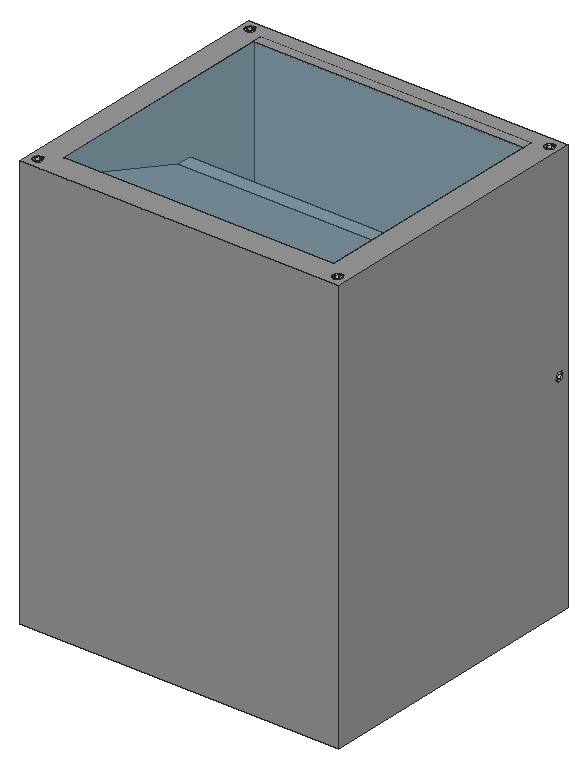
Revit family "LED CUBE 03_AM6W.1", category Luminarias, Revit 2019
Family settings
  Cota de conector redondo = Diámetro de uso
  Tipo de pieza = Normal
  Se basa en plano de trabajo = Sí
  Siempre vertical = No
  Corte con vacíos al cargar = No
  Origen de luz = Sí
  Compartido = No
  Punto de cálculo de habitación = No
Parameters (values of type "LED CUBE 03_AM6W.1")
  Ángulo de inclinación = 60.00°
  Zone [instance] = ""
  Watt per fixture = 8.8
  Wattage = 8.8 W
  built-in parameter 1150107 = 3000 (stored number, unit not read)
  built-in parameter 1150110 = 1 (stored number, unit not read)
  built-in parameter 1150109 = 1 (stored number, unit not read)
  built-in parameter 1150112 = 1 (stored number, unit not read)
  built-in parameter 1150113 = 1 (stored number, unit not read)
  built-in parameter 1114218 = 1 (stored number, unit not read)
  Keynote = ""
  built-in parameter 1150137 = (empty or 0)
  built-in parameter 1150132 = (empty or 0)
  Modelo = "AM6W.1"
  Lámpara = "NICHIA"
  built-in parameter 1150105 = 24.664 (stored number, unit not read)
  built-in parameter 1150102 = (empty or 0)
  built-in parameter 1150106 = 0.24664 (stored number, unit not read)
  Lumens = 309.936 lm
  Color Filter = 16777215
  built-in parameter 1114217 = 1 (stored number, unit not read)
  built-in parameter 1150139 = (empty or 0)
  Fabricante = "BRILLANT"
  Default Elevation = 0 mm
  built-in parameter 1150104 = 3.272 (stored number, unit not read)
  Descripción = "LUMINARIA DIRIGIBLE TIPO ARBOTANTE, DE MATERIAL EN ALUMINIO FUNDIDO A PRESION CUBIERTO CON POLVO GRIS OSCURO Y PC DE 6MM, CON UN PESO DE 1.6KG, CON 2 LED TIPO NICHIA Y UNA POTENCIA TOTAL DE 8.8W, 2X222 LUMENES, TEMPERATURA EN BLANCO CALIDO 3000K, IRC 80, IP 65, APERTURA DE 5 GRADOS, CORRIENTE DE OPERACIÓN 138mA, CABLE DE 0.3M, ALIMENTADO A 100-277VAC"
  built-in parameter 1150115 = 1 (stored number, unit not read)
  built-in parameter 1150114 = 1 (stored number, unit not read)
  Comentarios de vataje = "100-277V"
  built-in parameter 1150138 = (empty or 0)
  built-in parameter 1150134 = (empty or 0)
  Circuit [instance] = ""
  Dimming Lamp Color Temperature Shift = (empty or 0)
  Archivo de red fotométrica = "AM6W.1.IES"
  built-in parameter 1150133 = 10 (stored number, unit not read)
Reference planes
  plane 1 "Centro (Frontal/Posterior)": y = 0
  plane 2: z = 0
  plane 3 "Centro (Izquierda/Derecha)": x = 0
Forms (mm)
  Revolve 1, solid, material "Cristal", not visible
    sketch origin (-152, 0, 0) x (0, 1, 0) y (0, 0, -1)
      loop
        line (0, -8.749) -> (0, -7.25) -> (-1.499, -7.25)
        arc (-1.499, -7.25) -> (-1.06, -8.31) -> (0, -8.749) r 1.499
      axis (0, -7.25) -> (-1.499, -7.25)
    angle from 0 to 360
  Revolve 2, solid, material "Cristal", not visible
    sketch origin (-136, 0, 0) x (0, 1, 0) y (0, 0, -1)
      loop
        line (0, -8.749) -> (0, -7.25) -> (-1.499, -7.25)
        arc (-1.499, -7.25) -> (-1.06, -8.31) -> (0, -8.749) r 1.499
      axis (0, -7.25) -> (-1.499, -7.25)
    angle from 0 to 360
  Revolve 3, solid, material "Cristal", not visible
    sketch origin (-120, 0, 0) x (0, 1, 0) y (0, 0, -1)
      loop
        line (0, -8.749) -> (0, -7.25) -> (-1.499, -7.25)
        arc (-1.499, -7.25) -> (-1.06, -8.31) -> (0, -8.749) r 1.499
      axis (0, -7.25) -> (-1.499, -7.25)
    angle from 0 to 360
  Revolve 4, solid, material "Cristal", not visible
    sketch origin (-104, 0, 0) x (0, 1, 0) y (0, 0, -1)
      loop
        line (0, -8.749) -> (0, -7.25) -> (-1.499, -7.25)
        arc (-1.499, -7.25) -> (-1.06, -8.31) -> (0, -8.749) r 1.499
      axis (0, -7.25) -> (-1.499, -7.25)
    angle from 0 to 360
  Revolve 5, solid, material "Cristal", not visible
    sketch origin (-88, 0, 0) x (0, 1, 0) y (0, 0, -1)
      loop
        line (0, -8.749) -> (0, -7.25) -> (-1.499, -7.25)
        arc (-1.499, -7.25) -> (-1.06, -8.31) -> (0, -8.749) r 1.499
      axis (0, -7.25) -> (-1.499, -7.25)
    angle from 0 to 360
  Revolve 6, solid, material "Cristal", not visible
    sketch origin (-72, 0, 0) x (0, 1, 0) y (0, 0, -1)
      loop
        line (0, -8.749) -> (0, -7.25) -> (-1.499, -7.25)
        arc (-1.499, -7.25) -> (-1.06, -8.31) -> (0, -8.749) r 1.499
      axis (0, -7.25) -> (-1.499, -7.25)
    angle from 0 to 360
  Revolve 7, solid, material "Cristal", not visible
    sketch origin (-56, 0, 0) x (0, 1, 0) y (0, 0, -1)
      loop
        line (0, -8.749) -> (0, -7.25) -> (-1.499, -7.25)
        arc (-1.499, -7.25) -> (-1.06, -8.31) -> (0, -8.749) r 1.499
      axis (0, -7.25) -> (-1.499, -7.25)
    angle from 0 to 360
  Revolve 8, solid, material "Cristal", not visible
    sketch origin (-40, 0, 0) x (0, 1, 0) y (0, 0, -1)
      loop
        line (0, -8.749) -> (0, -7.25) -> (-1.499, -7.25)
        arc (-1.499, -7.25) -> (-1.06, -8.31) -> (0, -8.749) r 1.499
      axis (0, -7.25) -> (-1.499, -7.25)
    angle from 0 to 360
  Revolve 9, solid, material "Cristal", not visible
    sketch origin (-24, 0, 0) x (0, 1, 0) y (0, 0, -1)
      loop
        line (0, -8.749) -> (0, -7.25) -> (-1.499, -7.25)
        arc (-1.499, -7.25) -> (-1.06, -8.31) -> (0, -8.749) r 1.499
      axis (0, -7.25) -> (-1.499, -7.25)
    angle from 0 to 360
  Revolve 10, solid, material "Cristal", not visible
    sketch origin (-8, 0, 0) x (0, 1, 0) y (0, 0, -1)
      loop
        line (0, -8.749) -> (0, -7.25) -> (-1.499, -7.25)
        arc (-1.499, -7.25) -> (-1.06, -8.31) -> (0, -8.749) r 1.499
      axis (0, -7.25) -> (-1.499, -7.25)
    angle from 0 to 360
  Revolve 11, solid, material "Cristal", not visible
    sketch origin (8, 0, 0) x (0, 1, 0) y (0, 0, -1)
      loop
        line (0, -8.749) -> (0, -7.25) -> (-1.499, -7.25)
        arc (-1.499, -7.25) -> (-1.06, -8.31) -> (0, -8.749) r 1.499
      axis (0, -7.25) -> (-1.499, -7.25)
    angle from 0 to 360
  Revolve 12, solid, material "Cristal", not visible
    sketch origin (24, 0, 0) x (0, 1, 0) y (0, 0, -1)
      loop
        line (0, -8.749) -> (0, -7.25) -> (-1.499, -7.25)
        arc (-1.499, -7.25) -> (-1.06, -8.31) -> (0, -8.749) r 1.499
      axis (0, -7.25) -> (-1.499, -7.25)
    angle from 0 to 360
  Revolve 13, solid, material "Cristal", not visible
    sketch origin (40, 0, 0) x (0, 1, 0) y (0, 0, -1)
      loop
        line (0, -8.749) -> (0, -7.25) -> (-1.499, -7.25)
        arc (-1.499, -7.25) -> (-1.06, -8.31) -> (0, -8.749) r 1.499
      axis (0, -7.25) -> (-1.499, -7.25)
    angle from 0 to 360
  Revolve 14, solid, material "Cristal", not visible
    sketch origin (56, 0, 0) x (0, 1, 0) y (0, 0, -1)
      loop
        line (0, -8.749) -> (0, -7.25) -> (-1.499, -7.25)
        arc (-1.499, -7.25) -> (-1.06, -8.31) -> (0, -8.749) r 1.499
      axis (0, -7.25) -> (-1.499, -7.25)
    angle from 0 to 360
  Revolve 15, solid, material "Cristal", not visible
    sketch origin (72, 0, 0) x (0, 1, 0) y (0, 0, -1)
      loop
        line (0, -8.749) -> (0, -7.25) -> (-1.499, -7.25)
        arc (-1.499, -7.25) -> (-1.06, -8.31) -> (0, -8.749) r 1.499
      axis (0, -7.25) -> (-1.499, -7.25)
    angle from 0 to 360
  Revolve 16, solid, material "Cristal", not visible
    sketch origin (88, 0, 0) x (0, 1, 0) y (0, 0, -1)
      loop
        line (0, -8.749) -> (0, -7.25) -> (-1.499, -7.25)
        arc (-1.499, -7.25) -> (-1.06, -8.31) -> (0, -8.749) r 1.499
      axis (0, -7.25) -> (-1.499, -7.25)
    angle from 0 to 360
  Revolve 17, solid, material "Cristal", not visible
    sketch origin (104, 0, 0) x (0, 1, 0) y (0, 0, -1)
      loop
        line (0, -8.749) -> (0, -7.25) -> (-1.499, -7.25)
        arc (-1.499, -7.25) -> (-1.06, -8.31) -> (0, -8.749) r 1.499
      axis (0, -7.25) -> (-1.499, -7.25)
    angle from 0 to 360
  Revolve 18, solid, material "Cristal", not visible
    sketch origin (120, 0, 0) x (0, 1, 0) y (0, 0, -1)
      loop
        line (0, -8.749) -> (0, -7.25) -> (-1.499, -7.25)
        arc (-1.499, -7.25) -> (-1.06, -8.31) -> (0, -8.749) r 1.499
      axis (0, -7.25) -> (-1.499, -7.25)
    angle from 0 to 360
  Revolve 19, solid, material "Cristal", not visible
    sketch origin (136, 0, 0) x (0, 1, 0) y (0, 0, -1)
      loop
        line (0, -8.749) -> (0, -7.25) -> (-1.499, -7.25)
        arc (-1.499, -7.25) -> (-1.06, -8.31) -> (0, -8.749) r 1.499
      axis (0, -7.25) -> (-1.499, -7.25)
    angle from 0 to 360
  Revolve 20, solid, material "Cristal", not visible
    sketch origin (152, 0, 0) x (0, 1, 0) y (0, 0, -1)
      loop
        line (0, -8.749) -> (0, -7.25) -> (-1.499, -7.25)
        arc (-1.499, -7.25) -> (-1.06, -8.31) -> (0, -8.749) r 1.499
      axis (0, -7.25) -> (-1.499, -7.25)
    angle from 0 to 360
  Extrusion 21, solid, material "Acabado Blanco"
    sketch origin (0, 23.355, 0) x (1, 0, 0) y (0, 1, 0)
      loop
        line (-50, -23.355) -> (-50, -113.355) -> (50, -113.355) -> (50, -23.355) -> (-50, -23.355)
    from 0 to 130.208
  Extrusion 22, void
    sketch origin (0, 23.355, 0) x (1, 0, 0) y (0, 1, 0)
      loop
        line (-42.5, -31.071) -> (-42.5, -56.135) -> (42.5, -56.135) -> (42.5, -31.071) -> (-42.5, -31.071)
    from 0 to 130.208
  Extrusion 23, solid, material "Cristal"
    sketch origin (0, 0, -127.046) x (0, -1, 0) y (1, 0, 0)
      loop
        line (4.715, -42.5) -> (82.231, -42.5) -> (82.231, 42.5) -> (4.715, 42.5) -> (4.715, -42.5)
    from 127.046 to 130.208
  Extrusion 24, void
    sketch origin (0, 0, 0) x (1, 0, 0) y (0, 1, 0)
      loop
        circle (-47.069, -3.34) r 1.481
      loop
        circle (47.069, -3.34) r 1.481
      loop
        circle (-47.069, -86.66) r 1.481
      loop
        circle (47.069, -86.66) r 1.481
    from 129.011 to 130.208
  Extrusion 25, void
    sketch origin (0, 0, -129.011) x (0, -1, 0) y (1, 0, 0)
      loop
        circle (3.34, -47.069) r 1.481
      loop
        circle (3.34, 47.069) r 1.481
      loop
        circle (86.66, -47.069) r 1.481
      loop
        circle (86.66, 47.069) r 1.481
    from 129.011 to 130.208
  Extrusion 26, void
    sketch origin (0, 0, 0) x (0, 1, 0) y (0, 0, 1)
      loop
        circle (-3.34, 66.511) r 1.481
    from 47.98 to 50
  Extrusion 27, void
    sketch origin (0, 0, 0) x (0, 1, 0) y (0, 0, -1)
      loop
        circle (-3.34, -66.511) r 1.481
    from 47.98 to 50
  Extrusion 28, solid, material "Acero Inoxidable"
    sketch origin (0, 0, 0) x (0, 1, 0) y (0, 0, 1)
      loop
        circle (-3.34, 66.511) r 1.228
      loop
        line (-2.391, 66.511) -> (-2.866, 67.332) -> (-3.814, 67.332) -> (-4.289, 66.511) -> (-3.814, 65.689) -> (-2.866, 65.689) -> (-2.391, 66.511)
    from 47.98 to 50
  Extrusion 29, solid, material "Acero Inoxidable"
    sketch origin (0, 0, 0) x (0, 1, 0) y (0, 0, -1)
      loop
        circle (-3.34, -66.511) r 1.228
      loop
        line (-2.391, -66.511) -> (-2.866, -65.689) -> (-3.814, -65.689) -> (-4.289, -66.511) -> (-3.814, -67.332) -> (-2.866, -67.332) -> (-2.391, -66.511)
    from 47.98 to 50
  Extrusion 30, solid, material "Acero Inoxidable"
    sketch origin (0, 0, 0) x (1, 0, 0) y (0, 1, 0)
      loop
        circle (-47.069, -3.34) r 1.228
      loop
        line (-48.018, -3.34) -> (-47.544, -4.162) -> (-46.595, -4.162) -> (-46.121, -3.34) -> (-46.595, -2.519) -> (-47.544, -2.519) -> (-48.018, -3.34)
      loop
        circle (47.069, -3.34) r 1.228
      loop
        line (46.121, -3.34) -> (46.595, -4.162) -> (47.544, -4.162) -> (48.018, -3.34) -> (47.544, -2.519) -> (46.595, -2.519) -> (46.121, -3.34)
      loop
        circle (47.069, -86.66) r 1.228
      loop
        line (46.121, -86.66) -> (46.595, -87.481) -> (47.544, -87.481) -> (48.018, -86.66) -> (47.544, -85.838) -> (46.595, -85.838) -> (46.121, -86.66)
      loop
        circle (-47.069, -86.66) r 1.228
      loop
        line (-48.018, -86.66) -> (-47.544, -87.481) -> (-46.595, -87.481) -> (-46.121, -86.66) -> (-46.595, -85.838) -> (-47.544, -85.838) -> (-48.018, -86.66)
    from 0 to 1.197
  Extrusion 31, solid, material "Acero Inoxidable"
    sketch origin (0, 0, 130.058) x (0, -1, 0) y (1, 0, 0)
      loop
        circle (3.34, -47.069) r 1.228
      loop
        line (3.34, -48.018) -> (4.162, -47.544) -> (4.162, -46.595) -> (3.34, -46.121) -> (2.519, -46.595) -> (2.519, -47.544) -> (3.34, -48.018)
      loop
        circle (3.34, 47.069) r 1.228
      loop
        line (3.34, 46.121) -> (4.162, 46.595) -> (4.162, 47.544) -> (3.34, 48.018) -> (2.519, 47.544) -> (2.519, 46.595) -> (3.34, 46.121)
      loop
        circle (86.66, 47.069) r 1.228
      loop
        line (86.66, 46.121) -> (87.481, 46.595) -> (87.481, 47.544) -> (86.66, 48.018) -> (85.838, 47.544) -> (85.838, 46.595) -> (86.66, 46.121)
      loop
        circle (86.66, -47.069) r 1.228
      loop
        line (86.66, -48.018) -> (87.481, -47.544) -> (87.481, -46.595) -> (86.66, -46.121) -> (85.838, -46.595) -> (85.838, -47.544) -> (86.66, -48.018)
    from -1.048 to 0.149
  Extrusion 32, void
    sketch origin (0, 0, 0) x (0, 1, 0) y (0, 0, 1)
      loop
        line (-7.716, 130.208) -> (-82.231, 130.208) -> (-82.231, 125.208) -> (-37.32, 108.861) -> (-7.716, 108.861) -> (-7.716, 130.208)
    from -42.5 to 42.5
  Extrusion 33, void
    sketch origin (0, 0, 130.208) x (0, 1, 0) y (0, 0, 1)
      loop
        line (-7.716, -130.208) -> (-7.716, -108.861) -> (-37.32, -108.861) -> (-82.231, -125.208) -> (-82.231, -130.208) -> (-7.716, -130.208)
    from -42.5 to 42.5
  Extrusion 34, solid, material "Cristal"
    sketch origin (0, 0, 0) x (1, 0, 0) y (0, 1, 0)
      loop
        line (-42.5, -4.715) -> (-42.5, -82.231) -> (42.5, -82.231) -> (42.5, -4.715) -> (-42.5, -4.715)
    from 127.046 to 130.208
Cuts and joins
  Extrusion 22, Extrusion 24, Extrusion 25, Extrusion 26, Extrusion 27, Extrusion 32, Extrusion 33 cuts Extrusion 21
Dimensions and locks
  equal spacing: Extrusion 21 sketch curve, plane 3 "Centro (Izquierda/Derecha)", Extrusion 21 sketch curve
  Extrusion 21 sketch curve to plane 3 "Centro (Izquierda/Derecha)" = 50 mm
  Extrusion 21 sketch curve to Extrusion 21 sketch curve = 90 mm
  cut or joined group 1 (Extrusion 21, Extrusion 22, Extrusion 24, Extrusion 25, Extrusion 26, Extrusion 27, Extrusion 32, Extrusion 33) to cut or joined group 1 = 130.208 mm
  aligned and locked: level to plane 2
  aligned and locked: Extrusion 21 to Extrusion 22
  aligned and locked: Extrusion 21 to Extrusion 24
  aligned and locked: cut or joined group 1 to Extrusion 30
  aligned and locked: cut or joined group 1 to Extrusion 31  (x2)
  aligned and locked: Extrusion 32 to Extrusion 22  (x2)
Connectors
  electrical at (0, 0, 65.104)
    settings: on cut or joined group 1, index 1, voltage 277 V, apparent load 0 VA, apparent load phase1 0 VA, apparent load phase2 0 VA, apparent load phase3 0 VA, power factor 1, load classification "Otro", number of poles 1, system type 31, power factor state 1, is connector primary yes, connector utility no, sub classification motor no, connector description ""
